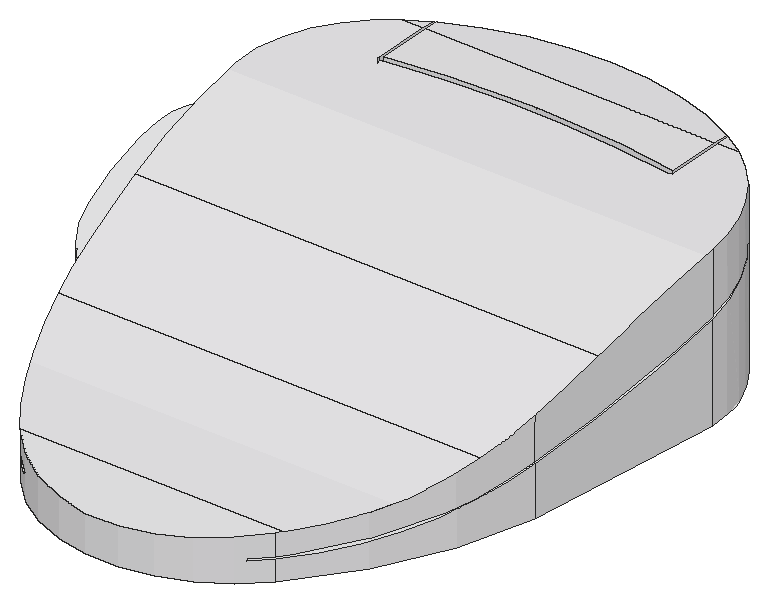
Revit family "Toilet_Seat-Elongated_Closed_Front-Cleansing-KOHLER-C3-150-K-8297T_1", category Plumbing Fixtures, host Face, Revit 2017
Family settings
  Host = Face
  Round Connector Dimension = Use Diameter
  Part Type = Normal
  OmniClass Number = 23.31.19.19.17
  OmniClass Title = Water Closet Seats
  Cut with Voids When Loaded = No
  Shared = No
  Room Calculation Point = No
Parameters (values of type "Hidden Chord, 0-White")
  Width = 17 163/256"  # constant formula
  WaterSense Certified = 1 = 1  # yes
  Waste Water Outlet = "Waste Water Outlet"  # constant formula
  Waste Connection = 1 = 0  # no
  Voltage = 220 V  # constant formula
  Vent Connection = 1 = 0  # no
  URL = "http://www.kohler.com.cn/"
  Type = 1
  Product Page URL = "https://www.kohler.com.cn/product/K-8297T-HC-0/K-8297T-HC-0/"
  Product Name = "C3-150"  # constant formula
  Product Documentation Link = "https://files.kohler.com.cn/pdfs/1559717561034_8297%E5%B0%BA%E5%AF%B8%E5%9B%BE.pdf"
  Pressure = 0.00 psi
  Model = if(Type = 1, "K-8297T-HC-0", if(Type = 2, "K-8297T-XP-0", "NA"))  # "K-8297T-HC-0"
  Material = "Plastic"  # constant formula
  Master Format 2014 Name = "Toilet, Bath, and Laundry Accessories"  # constant formula
  Master Format 2014 = "10 28 00"  # constant formula
  Manufacturer Address = "Kohler Beijing Office (100016) 36-2-03-B, No. 88, Liuxiang Road, Beijing"  # constant formula
  Manufacturer = "KOHLER Co."  # constant formula
  Length = 20 171/256"  # constant formula
  Hot Water Inlet = "Hot Water Inlet"  # constant formula
  Height = 5 191/256"  # constant formula
  HW Connection = 1 = 0  # no
  Flow Rate = 0 GPM
  Finish = Kohler-Plastic-0-White
  Environmental Product Declaration = ""
  Electrical Note = "Ground-Fault Circuit-Interrupter"  # constant formula
  Electrical Connector = 1 = 1  # yes
  Description = if(Type = 1, "Qingshubao Smart Toilet Cover (Combined Version)", if(Type = 2, "Qingshubao Smart Cover (Cloud Smart Version)", "NA"))  # "Qingshubao Smart Toilet Cover (Combined Version)"
  Default Elevation = 0"
  Declare Label = ""
  Date Modified = "06/24/2021"  # constant formula
  Date Created = "06/24/2021"  # constant formula
  Copyright = "Copyright KOHLER Co."  # constant formula
  Contact Us = "http://www.kohler.com.cn/contact/contact-us/"
  Cold Water Inlet = "Cold Water Inlet"  # constant formula
  CW Connection = 1 = 1  # yes
  Assembly Code = "C1030200"
  Apparent Load = Voltage * 10 A  # 2200 VA
  ADA Compliant = 1 = 0  # no
Types (3): name | Type | Product Page URL | Product Documentation Link | Model | Description
  (no name) | 1 | "https://www.kohler.com.cn/product/K-8297T-HC-0/K-8297T-HC-0/" | "https://files.kohler.com.cn/pdfs/1559717561034_8297%E5%B0%BA%E5%AF%B8%E5%9B%BE.pdf" | "K-8297T-HC-0" | "Qingshubao Smart Toilet Cover (Combined Version)"
  Hidden Chord, 0-White | 1 | "https://www.kohler.com.cn/product/K-8297T-HC-0/K-8297T-HC-0/" | "https://files.kohler.com.cn/pdfs/1559717561034_8297%E5%B0%BA%E5%AF%B8%E5%9B%BE.pdf" | "K-8297T-HC-0" | "Qingshubao Smart Toilet Cover (Combined Version)"
  Cloud Version, 0-White | 2 | "https://www.kohler.com.cn/product/K-8297T-XP-0/K-8297T-XP-0/" | "https://files.kohler.com.cn/pdfs/1533624272542_1351303-T01-A%E5%AE%89%E8%A3%85%E8%AF%B4%E6%98%8E%E4%B9%A6.pdf" | "K-8297T-XP-0" | "Qingshubao Smart Cover (Cloud Smart Version)"
Reference planes (in)
  plane 1 "Center (Front/Back)": y = 0
  plane 2: z = 0
  plane 3 "Center (Left/Right)": x = 0
  plane 4: x = -9.88135
  plane 5: x = 7.75537
  plane 6: x = -7.75537
  plane 7: y = 10.33398
  plane 8: y = -10.33398
  plane 9: z = 5.74609
  plane 10: z = 0.62992
  plane 11: z = 1.69291
  plane 12: z = 0.27559
  plane 13: y = -1.55578
  plane 14: z = 2.21033
  plane 15: y = 4.66488
  plane 16: y = 3.8777
  plane 17: z = -0.54919
Forms (in)
  Extrusion 1, void
    sketch origin (0, 0, 0) x (0, 1, 0) y (0, 0, 1)
      loop
        line (5.86695, 0.24562) -> (3.99687, 0.24562) -> (3.99687, -0.591) -> (5.86695, -0.591) -> (5.86695, 0.24562)
    from -0.62921 to 0.55744
Dimensions and locks (in)
  "Width": plane 4 to plane 5
  "Length": plane 8 to plane 7
  equal spacing: plane 8, plane 1 "Center (Front/Back)", plane 7
  equal spacing: plane 6, plane 3 "Center (Left/Right)", plane 5
  locked: plane 4 to plane 6 at 2.12598
  plane 6 to plane 5 = 15.51073"
  locked: plane 13 to plane 7 at 11.88976
  "Height": level to plane 9
  level to plane 11 = 1.69291"
  plane 12 to level = 0.27559"
  aligned and locked: plane 2 to host face
  aligned and locked: level to host face
  aligned and locked: plane 3 "Center (Left/Right)" to nested 1
  aligned and locked: plane 1 "Center (Front/Back)" to nested 1
Automatic sketch dimensions
  host sketch curve to host sketch curve = 96"  (x2)
  Extrusion 1 sketch curve to plane 12 = 0.02997"
  Extrusion 1 sketch curve to plane 15 = 0.668"
  Extrusion 1 sketch curve to level = 0.591"
  plane 15 to Extrusion 1 sketch curve = 1.20208"
Nested families (in)
  nested 1: "K-8297T" at (0, 0, 0), type "K-8297T"
Connectors (in)
  piping at (-7.75905, 4.66488, 2.21033), diameter 0.5, driven by "CW Connection", driven by "Cold Water Inlet", driven by "Flow Rate"
    settings: on nested 1, index 1, connector inside diameter 24", connector length 0", flow factor 0, pipe flow 0 GPM, pressure drop 0.00 psi, fitting loss kfactor 0, connector angle 0.00°, fixture units 0, engagement length 0", angle of deflection 0.00°, flow configuration 0, flow direction 1, fitting loss method 0, system type 20, joint type 0, gender type 0, connector reference index -1, connector utility 1, adjustable connector no, is connector primary yes, connector description "Cold Water Inlet"
  electrical at (-7.75905, 3.87747, 2.21033), driven by "Electrical Connector", driven by "Electrical Note", driven by "Voltage", driven by "Apparent Load"
    settings: on nested 1, index 2, voltage 220 V, apparent load 2200 VA, apparent load phase1 0 VA, apparent load phase2 0 VA, apparent load phase3 0 VA, power factor 1, load classification "Power", number of poles 1, system type 30, power factor state 1, is connector primary yes, connector utility yes, sub classification motor no, connector description "Ground-Fault Circuit-Interrupter"
Definition of nested family "K-8297T"
  Parameters (values of type "K-8297T")
    Material = none
  Reference planes (in)
    plane 1 "Center (Front/Back)": y = 0
    plane 2: z = 0
    plane 3 "Center (Left/Right)": x = 0
    plane 4: x = 7.75591
    plane 5: x = -7.75591
    plane 6: y = 10.33465
    plane 7: y = -10.33465
    plane 8: x = -9.88189
    plane 9: z = 5.74803
    plane 10: z = 0.62992
    plane 11: z = 1.69291
    plane 12: z = 0.27559
    plane 13: y = -1.55512
    plane 14: z = 2.21033
    plane 15: y = 4.66488
    plane 16: z = -0.54919
  Forms (in)
    Extrusion 1, solid, material <- "Material", detail levels medium+fine
      sketch origin (0, 0, 0) x (1, 0, 0) y (0, 1, 0)
        loop
          arc (-4.1611, -8.43538) -> (0, -10.33465) -> (4.1611, -8.43538) r 5.50792
          arc (4.1611, -8.43538) -> (6.1734, -5.32654) -> (7.24698, -1.78229) r 13.25333
          arc (7.24698, -1.78229) -> (7.62848, 1.50716) -> (7.75591, 4.8162) r 43.03057
          spline (7.75591, 4.8162) -> (7.49156, 6.24503) -> (6.71674, 7.57536) -> (5.4842, 8.7181) -> (3.87777, 9.59517) -> (2.00733, 10.14659) -> (0, 10.33458) -> (-2.00732, 10.14656) -> (-3.87784, 9.5953) -> (-5.4841, 8.71838) -> (-6.71664, 7.57556) -> (-7.49152, 6.24469) -> (-7.75591, 4.8162)
          arc (-7.75591, 4.8162) -> (-7.62848, 1.50716) -> (-7.24698, -1.78229) r 43.03057
          arc (-7.24698, -1.78229) -> (-6.1734, -5.32654) -> (-4.1611, -8.43538) r 13.25333
      from 0.27559 to 5.74803
    Extrusion 2, void
      sketch origin (0, 0, 0) x (0, 1, 0) y (0, 0, 1)
        loop
          line (12.24934, 5.74803) -> (12.24934, 7.16535) -> (-11.37271, 7.16535) -> (-11.37271, 1.19027)
          arc (-11.37271, 1.19027) -> (-9.84576, 1.54378) -> (-8.28862, 1.7222) r 13.82597
          arc (-8.28862, 1.7222) -> (-5.86066, 2.0302) -> (-3.49791, 2.66839) r 17.79727
          arc (-3.49791, 2.66839) -> (-1.4993, 3.38653) -> (0.481, 4.15373) r 86.12169
          arc (0.481, 4.15373) -> (4.52798, 5.3458) -> (8.72765, 5.74803) r 22.1254
          line (8.72765, 5.74803) -> (12.24934, 5.74803)
      from -13.23151 to 11.10812
    Extrusion 3, void
      sketch origin (0, 0, 0) x (1, 0, 0) y (0, 1, 0)
        loop
          line (-4.79232, 9.63353) -> (-4.79232, 6.91421)
          arc (-4.79232, 6.91421) -> (-4.76926, 6.85853) -> (-4.71358, 6.83547) r 0.07874
          arc (-4.71358, 6.83547) -> (0, 7.15272) -> (4.71358, 6.83547) r 35.17403
          arc (4.71358, 6.83547) -> (4.76926, 6.85853) -> (4.79232, 6.91421) r 0.07874
          line (4.79232, 6.91421) -> (4.79232, 9.63353) -> (4.70977, 9.63353) -> (4.70977, 7.01709)
          arc (4.70977, 7.01709) -> (0, 7.35332) -> (-4.70977, 7.01709) r 33.154
          line (-4.70977, 7.01709) -> (-4.70977, 9.63353) -> (-4.79232, 9.63353)
      from 5.11346 to 8.77571
    Extrusion 4, solid, material <- "Material", detail levels medium+fine
      sketch origin (0, 0, 0) x (1, 0, 0) y (0, 1, 0)
        loop
          arc (-4.42629, -7.54412) -> (0.23535, -9.84584) -> (4.68689, -7.16021) r 5.41467
          arc (4.68689, -7.16021) -> (5.70383, -5.3598) -> (6.47059, -3.43946) r 15.41096
          arc (6.47059, -3.43946) -> (0, 5.45337) -> (-6.47059, -3.43946) r 6.80048
          arc (-6.47059, -3.43946) -> (-5.60196, -5.56825) -> (-4.42629, -7.54412) r 15.41096
        loop
          arc (-1.76588, -6.97058) -> (0.00015, -7.8686) -> (1.76619, -6.97058) r 2.18553
          arc (1.76619, -6.97058) -> (3.41428, -3.82058) -> (4.07249, -0.32695) r 12.06174
          arc (4.07249, -0.32695) -> (0, 3.90463) -> (-4.07249, -0.32695) r 4.07548
          arc (-4.07249, -0.32695) -> (-3.41428, -3.82058) -> (-1.76588, -6.97058) r 12.06174
      from 0.27559 to 1.18946
    Extrusion 5, solid, material <- "Material", detail levels medium+fine
      sketch origin (0, 0, 0) x (1, 0, 0) y (0, 1, 0)
        loop
          line (-2.26156, 3.95799) -> (2.26156, 3.95799)
          arc (2.26156, 3.95799) -> (4.98122, 3.0196) -> (6.54353, 0.60376) r 4.41027
          arc (6.54353, 0.60376) -> (6.683, 0.3881) -> (6.92578, 0.30433) r 0.3937
          line (6.92578, 0.30433) -> (7.13441, 0.30433)
          arc (7.13441, 0.30433) -> (7.22308, 0.34106) -> (7.25981, 0.42973) r 0.12539
          line (7.25981, 0.42973) -> (7.25981, 1.82959)
          arc (7.25981, 1.82959) -> (0, 9.0894) -> (-7.25981, 1.82959) r 7.25981
          line (-7.25981, 1.82959) -> (-7.25981, 0.42973)
          arc (-7.25981, 0.42973) -> (-7.22308, 0.34106) -> (-7.13441, 0.30433) r 0.12539
          line (-7.13441, 0.30433) -> (-6.92578, 0.30433)
          arc (-6.92578, 0.30433) -> (-6.683, 0.3881) -> (-6.54353, 0.60376) r 0.3937
          arc (-6.54353, 0.60376) -> (-4.98122, 3.0196) -> (-2.26156, 3.95799) r 4.41027
      from 0 to 1.18946
    Sweep 6, void
      path in 3D
        loop
          line (7.25981, 0.05794, 0) -> (7.25981, 1.82959, 0)
          arc (7.25981, 1.82959, 0) -> (0, 9.0894, 0) -> (-7.25981, 1.82959, 0) r 7.25981
          line (-7.25981, 1.82959, 0) -> (-7.25981, -0.2184, 0)
      profile origin (0, 9.0894, 0) x (0, 1, 0) y (0, 0, -1)
        loop
          line (0, 0) -> (-0.41994, 0) -> (0, -0.16615) -> (0, 0)
    Extrusion 7, void
      sketch origin (0, 0, 0) x (0, 1, 0) y (0, 0, 1)
        loop
          arc (9.15501, 5.11346) -> (9.01421, 4.69705) -> (8.64962, 4.45153) r 0.68617
          arc (8.64962, 4.45153) -> (2.52282, 2.89184) -> (-3.65438, 1.54552) r 182.31005
          arc (-3.65438, 1.54552) -> (-6.29738, 1.14613) -> (-8.96628, 0.99806) r 28.28005
          line (-8.96628, 0.99806) -> (-8.96628, 0.95239)
          arc (-8.96628, 0.95239) -> (-6.29289, 1.10068) -> (-3.64543, 1.50074) r 28.32572
          arc (-3.64543, 1.50074) -> (2.53331, 2.84739) -> (8.66165, 4.40747) r 182.35572
          arc (8.66165, 4.40747) -> (9.0504, 4.66942) -> (9.20053, 5.11346) r 0.7317
          line (9.20053, 5.11346) -> (9.15501, 5.11346)
      from -10.51441 to 9.84252
    Extrusion 8, solid, material <- "Material", detail levels medium+fine
      sketch origin (0, 0, 0) x (1, 0, 0) y (0, 1, 0)
        loop
          line (-3.58717, -7.94985) -> (-2.82128, -6.83302)
          arc (-2.82128, -6.83302) -> (-2.8006, -6.76373) -> (-2.82418, -6.69538) r 0.11811
          line (-2.82418, -6.69538) -> (-3.04006, -6.40739)
          arc (-3.04006, -6.40739) -> (-3.09953, -6.37596) -> (-3.16158, -6.40193) r 0.07874
          line (-3.16158, -6.40193) -> (-4.03487, -7.37183)
          arc (-4.03487, -7.37183) -> (-4.05507, -7.42245) -> (-4.03755, -7.47407) r 0.07874
          line (-4.03755, -7.47407) -> (-3.65023, -7.95236)
          arc (-3.65023, -7.95236) -> (-3.61807, -7.96692) -> (-3.58717, -7.94985) r 0.03937
        loop
          arc (3.58717, -7.94985) -> (3.61807, -7.96692) -> (3.65023, -7.95236) r 0.03937
          line (3.65023, -7.95236) -> (4.03755, -7.47407)
          arc (4.03755, -7.47407) -> (4.05507, -7.42245) -> (4.03487, -7.37183) r 0.07874
          line (4.03487, -7.37183) -> (3.16158, -6.40193)
          arc (3.16158, -6.40193) -> (3.09953, -6.37596) -> (3.04006, -6.40739) r 0.07874
          line (3.04006, -6.40739) -> (2.82418, -6.69538)
          arc (2.82418, -6.69538) -> (2.8006, -6.76373) -> (2.82128, -6.83302) r 0.11811
          line (2.82128, -6.83302) -> (3.58717, -7.94985)
      from 0 to 0.6835
    Extrusion 9, solid, material <- "Material", detail levels medium+fine
      sketch origin (0, 0, 0) x (0, 1, 0) y (0, 0, 1)
        loop
          arc (-2.39361, 0.06642) -> (-2.27889, 0.0137) -> (-2.15337, 0) r 0.3937
          line (-2.15337, 0) -> (-0.13671, 0.10569)
          arc (-0.13671, 0.10569) -> (-0.03555, 0.14967) -> (0.01193, 0.24923) r 0.15748
          line (0.01193, 0.24923) -> (0.07713, 0.99451) -> (-3.14566, 0.57197) -> (-2.39361, 0.06642)
      from 4.56709 to 6.44496
    Extrusion 10, solid, material <- "Material", detail levels medium+fine
      sketch origin (0, 0, 0) x (0, 1, 0) y (0, 0, -1)
        loop
          line (-0.13671, -0.10569) -> (-2.15337, 0)
          arc (-2.15337, 0) -> (-2.27889, -0.0137) -> (-2.39361, -0.06642) r 0.3937
          line (-2.39361, -0.06642) -> (-3.14566, -0.57197) -> (0.07713, -0.99451) -> (0.01193, -0.24923)
          arc (0.01193, -0.24923) -> (-0.03555, -0.14967) -> (-0.13671, -0.10569) r 0.15748
      from 4.56709 to 6.44496
    Extrusion 11, solid, material <- "Material", detail levels medium+fine
      sketch origin (0, 0, 0) x (0, 1, 0) y (0, 0, 1)
        loop
          line (6.52211, 3.82196) -> (-1.53424, 1.59068)
          arc (-1.53424, 1.59068) -> (-1.54931, 1.58048) -> (-1.55512, 1.56324) r 0.02848
          line (-1.55512, 1.56324) -> (-1.55512, 1.4746)
          arc (-1.55512, 1.4746) -> (-1.5458, 1.4558) -> (-1.52519, 1.45183) r 0.02362
          line (-1.52519, 1.45183) -> (-1.48906, 1.46184) -> (-1.44456, 1.03837)
          arc (-1.44456, 1.03837) -> (-1.40488, 0.97235) -> (-1.3288, 0.9603) r 0.09113
          line (-1.3288, 0.9603) -> (6.06415, 3.08019)
          arc (6.06415, 3.08019) -> (6.28502, 3.2182) -> (6.39919, 3.45229) r 0.47244
          line (6.39919, 3.45229) -> (6.42444, 3.59553) -> (6.51892, 3.62262) -> (6.54966, 3.79692)
          arc (6.54966, 3.79692) -> (6.54278, 3.81703) -> (6.52211, 3.82196) r 0.02201
      from -10.56348 to -5.551
    Extrusion 12, void
      sketch origin (0, 0, 0) x (1, 0, 0) y (0, 1, 0)
        loop
          line (-6.89276, 6.78489) -> (-11.02662, 6.78489) -> (-11.02662, -1.55512) -> (-7.28161, -1.55512)
          arc (-7.28161, -1.55512) -> (-7.88353, -1.19172) -> (-8.43903, -0.76068) r 6.02524
          arc (-8.43903, -0.76068) -> (-9.12918, 0.05124) -> (-9.5525, 1.02914) r 3.61343
          arc (-9.5525, 1.02914) -> (-9.79919, 2.27548) -> (-9.88189, 3.54331) r 9.75979
          line (-9.88189, 3.54331) -> (-9.88189, 4.09677)
          arc (-9.88189, 4.09677) -> (-9.65858, 4.93018) -> (-9.04848, 5.54028) r 1.66682
          line (-9.04848, 5.54028) -> (-6.89276, 6.78489)
      from 0 to 9.84252
    Extrusion 13, solid, material <- "Material"
      sketch origin (0, 0, 0) x (0, 1, 0) y (0, 0, 1)
        loop
          line (5.84261, 0.05777) -> (4.05957, 0.05777) -> (4.05957, -0.34664) -> (4.01967, -0.34664) -> (4.01967, -0.4236) -> (4.27872, -0.52304)
          arc (4.27872, -0.52304) -> (4.34807, -0.5426) -> (4.41981, -0.54919) r 0.3937
          line (4.41981, -0.54919) -> (4.57874, -0.54919)
          arc (4.57874, -0.54919) -> (4.61548, -0.54333) -> (4.64858, -0.52633) r 0.11811
          line (4.64858, -0.52633) -> (4.83377, -0.39054)
          arc (4.83377, -0.39054) -> (4.85584, -0.37921) -> (4.88033, -0.3753) r 0.07874
          line (4.88033, -0.3753) -> (5.24585, -0.3753)
          arc (5.24585, -0.3753) -> (5.31229, -0.36375) -> (5.37094, -0.33044) r 0.19685
          line (5.37094, -0.33044) -> (5.84261, 0.05777)
      from -0.62921 to 0.55744
    Extrusion 14, solid, material <- "Material", detail levels coarse
      sketch origin (0, 0, 0) x (1, 0, 0) y (0, 1, 0)
        loop
          arc (-4.1611, -8.43538) -> (0, -10.33465) -> (4.1611, -8.43538) r 5.50792
          arc (4.1611, -8.43538) -> (6.1734, -5.32654) -> (7.24698, -1.78229) r 13.25333
          arc (7.24698, -1.78229) -> (7.62848, 1.50716) -> (7.75591, 4.8162) r 43.03057
          spline (7.75591, 4.8162) -> (7.49156, 6.24503) -> (6.71674, 7.57536) -> (5.4842, 8.7181) -> (3.87777, 9.59517) -> (2.00733, 10.14659) -> (0, 10.33458) -> (-2.00732, 10.14656) -> (-3.87784, 9.5953) -> (-5.4841, 8.71838) -> (-6.71664, 7.57556) -> (-7.49152, 6.24469) -> (-7.75591, 4.8162)
          arc (-7.75591, 4.8162) -> (-7.62848, 1.50716) -> (-7.24698, -1.78229) r 43.03057
          arc (-7.24698, -1.78229) -> (-6.1734, -5.32654) -> (-4.1611, -8.43538) r 13.25333
      from 0 to 5.74803
    Extrusion 15, void
      sketch origin (0, 0, 0) x (0, 1, 0) y (0, 0, 1)
        loop
          line (-11.61776, 1.34062) -> (5.04469, 5.59819)
          arc (5.04469, 5.59819) -> (5.63583, 5.71042) -> (6.23636, 5.74803) r 4.81356
          line (6.23636, 5.74803) -> (6.23636, 6.85243) -> (-11.61776, 6.85243) -> (-11.61776, 1.34062)
      from -11.84352 to 9.84252
    Extrusion 16, solid, material <- "Material", detail levels coarse
      sketch origin (0, 0, 0) x (0, 1, 0) y (0, 0, 1)
        loop
          line (-1.48506, 0.9647) -> (6.68385, 3.3071) -> (6.52211, 3.87117) -> (-1.66224, 1.60445) -> (-1.48506, 0.9647)
      from -9.88189 to -4.79232
    Extrusion 17, solid, material <- "Material"
      sketch origin (0, -0.65253, 0) x (0, 1, 0) y (0, 0, 1)
        loop
          circle (5.31741, 2.21033) r 0.19685
        loop
          circle (4.53001, 2.21033) r 0.19685
      from -7.75905 to -7.65226
  Cuts and joins
    Extrusion 15 cuts Extrusion 14
    joined: Extrusion 14, Extrusion 16
    Extrusion 2, Extrusion 3, Extrusion 7 cuts Extrusion 1
    Extrusion 7 cuts Extrusion 4
    Sweep 6 cuts Extrusion 5
    Extrusion 12 cuts Extrusion 11
    joined: Extrusion 1, Extrusion 4, Extrusion 5, Extrusion 8, Extrusion 9, Extrusion 10, Extrusion 11
  Lines and regions (in)
    Masking region 1
      outline origin (0, 0, 0) x (1, 0, 0) y (0, 1, 0)
        loop
          arc (-4.1611, -8.43538) -> (0, -10.33465) -> (4.1611, -8.43538) r 5.50792
          arc (4.1611, -8.43538) -> (6.1734, -5.32654) -> (7.24698, -1.78229) r 13.25333
          arc (7.24698, -1.78229) -> (7.62848, 1.50716) -> (7.75591, 4.8162) r 43.03057
          spline (7.75591, 4.8162) -> (7.54099, 6.10628) -> (6.90817, 7.32486) -> (5.89251, 8.40441) -> (4.55029, 9.28512) -> (2.95589, 9.91815) -> (1.19769, 10.26845) -> (-0.62689, 10.31659) -> (-2.41672, 10.05991) -> (-4.07263, 9.51262) -> (-5.50283, 8.70507) -> (-6.62808, 7.682) -> (-7.386, 6.50011)
          line (-7.386, 6.50011) -> (-9.04848, 5.54028)
          arc (-9.04848, 5.54028) -> (-9.65858, 4.93018) -> (-9.88189, 4.09677) r 1.66682
          line (-9.88189, 4.09677) -> (-9.88189, 3.54331)
          arc (-9.88189, 3.54331) -> (-9.79919, 2.27548) -> (-9.5525, 1.02914) r 9.75979
          arc (-9.5525, 1.02914) -> (-9.12918, 0.05124) -> (-8.43903, -0.76068) r 3.61343
          arc (-8.43903, -0.76068) -> (-7.88284, -1.1922) -> (-7.28011, -1.55591) r 6.02524
          arc (-7.28011, -1.55591) -> (-6.22109, -5.22255) -> (-4.1611, -8.43538) r 13.25333
    Masking region 2
      outline origin (0, 0, 0) x (1, 0, 0) y (0, 0, 1)
        loop
          line (-9.88189, 3.19396) -> (-9.88189, 2.40656)
          spline (-9.88189, 2.40656) -> (-9.87959, 2.34549) -> (-9.87263, 2.28445) -> (-9.86101, 2.22346) -> (-9.84475, 2.16255) -> (-9.82384, 2.10175) -> (-9.7983, 2.04108) -> (-9.76814, 1.98058) -> (-9.73338, 1.92026) -> (-9.69402, 1.86016) -> (-9.65008, 1.8003) -> (-9.60159, 1.74071) -> (-9.54849, 1.68147)
          spline (-9.54849, 1.68147) -> (-9.49962, 1.6339) -> (-9.44263, 1.58701) -> (-9.37764, 1.54093) -> (-9.3048, 1.49574) -> (-9.22427, 1.45156) -> (-9.13623, 1.40848) -> (-9.04089, 1.36659) -> (-8.93845, 1.326) -> (-8.82914, 1.2868) -> (-8.71321, 1.24906) -> (-8.59093, 1.21289) -> (-8.46256, 1.17835)
          spline (-8.46256, 1.17835) -> (-8.39612, 1.16176) -> (-8.32878, 1.14544) -> (-8.26058, 1.1294) -> (-8.19153, 1.11364) -> (-8.12163, 1.09817) -> (-8.05091, 1.08298) -> (-7.97938, 1.06808) -> (-7.90705, 1.05348) -> (-7.83395, 1.03917) -> (-7.76009, 1.02516) -> (-7.68548, 1.01146) -> (-7.61015, 0.99806)
          line (-7.61015, 0.99806) -> (-7.25981, 0.99806) -> (-7.25981, 0.79607) -> (-6.83987, 0.62992) -> (-6.60825, 0.62992) -> (-6.44496, 0.56532) -> (-6.44496, 0.37173) -> (-5.52128, 0.37173)
          arc (-5.52128, 0.37173) -> (-5.05941, 0.32685) -> (-4.59643, 0.29545) r 15.92391
          line (-4.59643, 0.29545) -> (-4.59643, 0) -> (-0.62921, 0) -> (-0.62921, -0.54919) -> (0.55744, -0.54919) -> (0.55744, 0) -> (4.59643, 0) -> (4.59643, 0.29545)
          arc (4.59643, 0.29545) -> (5.05941, 0.32685) -> (5.52128, 0.37173) r 15.92391
          line (5.52128, 0.37173) -> (6.44496, 0.37173) -> (6.44496, 0.56532) -> (6.60825, 0.62992) -> (6.83987, 0.62992) -> (7.25981, 0.79607) -> (7.25981, 0.99806)
          arc (7.25981, 0.99806) -> (7.6106, 1.14337) -> (7.75591, 1.49416) r 0.4961
          line (7.75591, 1.49416) -> (7.75591, 5.39954)
          spline (7.75591, 5.39954) -> (7.73615, 5.46586) -> (7.67937, 5.52425) -> (7.58528, 5.57513) -> (7.45575, 5.61849) -> (7.29327, 5.65437) -> (7.10076, 5.68327) -> (6.88117, 5.70585) -> (6.63719, 5.72279) -> (6.37156, 5.73479) -> (6.08741, 5.74255) -> (5.78725, 5.74676) -> (5.47074, 5.74803)
          line (5.47074, 5.74803) -> (-5.47104, 5.74803)
          spline (-5.47104, 5.74803) -> (-5.78753, 5.74676) -> (-6.08765, 5.74255) -> (-6.37175, 5.73479) -> (-6.63732, 5.72279) -> (-6.8812, 5.70585) -> (-7.10069, 5.68326) -> (-7.29315, 5.65436) -> (-7.45562, 5.61848) -> (-7.5852, 5.57512) -> (-7.67935, 5.52424) -> (-7.73616, 5.46585) -> (-7.75591, 5.39954)
          line (-7.75591, 5.39954) -> (-7.75591, 3.80593) -> (-9.07967, 3.59426)
          spline (-9.07967, 3.59426) -> (-9.19936, 3.57182) -> (-9.31158, 3.54678) -> (-9.41554, 3.51931) -> (-9.51049, 3.48962) -> (-9.59579, 3.4579) -> (-9.67081, 3.42439) -> (-9.73504, 3.38931) -> (-9.78801, 3.35293) -> (-9.82937, 3.31548) -> (-9.85881, 3.27724) -> (-9.87613, 3.23847) -> (-9.88121, 3.19945)
    Masking region 3
      outline origin (0, 0, 0) x (0, 1, 0) y (0, 0, 1)
        loop
          line (10.33465, 0.42591) -> (10.33465, 5.13131) -> (9.71792, 5.74803) -> (8.72765, 5.74803)
          arc (8.72765, 5.74803) -> (4.52798, 5.3458) -> (0.481, 4.15373) r 22.1254
          arc (0.481, 4.15373) -> (-1.4993, 3.38653) -> (-3.49791, 2.66839) r 86.12169
          arc (-3.49791, 2.66839) -> (-6.36286, 1.93848) -> (-9.30912, 1.69291) r 17.79727
          line (-9.30912, 1.69291) -> (-9.5444, 1.69291)
          arc (-9.5444, 1.69291) -> (-9.59175, 1.68562) -> (-9.63472, 1.66443) r 0.15748
          line (-9.63472, 1.66443) -> (-10.21481, 1.25825)
          arc (-10.21481, 1.25825) -> (-10.27323, 1.19394) -> (-10.29827, 1.11073) r 0.19685
          line (-10.29827, 1.11073) -> (-10.33465, 0.59055) -> (-9.85064, 0.59055) -> (-9.85064, 0.35433)
          arc (-9.85064, 0.35433) -> (-9.82758, 0.29865) -> (-9.7719, 0.27559) r 0.07874
          line (-9.7719, 0.27559) -> (-8.63765, 0.27559)
          arc (-8.63765, 0.27559) -> (-8.3033, 0.27681) -> (-7.96897, 0.28046) r 45.93796
          line (-7.96897, 0.28046) -> (-7.77259, 0) -> (-6.45833, 0) -> (-6.37573, 0.33131)
          arc (-6.37573, 0.33131) -> (-4.77924, 0.43791) -> (-3.18743, 0.60005) r 45.93796
          line (-3.18743, 0.60005) -> (-2.39361, 0.06642)
          arc (-2.39361, 0.06642) -> (-2.27889, 0.0137) -> (-2.15337, 0) r 0.3937
          line (-2.15337, 0) -> (-0.13671, 0.10569)
          arc (-0.13671, 0.10569) -> (-0.03555, 0.14967) -> (0.01193, 0.24923) r 0.15748
          line (0.01193, 0.24923) -> (0.09094, 1.15234)
          arc (0.09094, 1.15234) -> (3.12729, 1.99057) -> (6.06415, 3.1294) r 31.33592
          arc (6.06415, 3.1294) -> (3.31449, 1.89212) -> (0.42643, 1.02575) r 22.9642
          arc (0.42643, 1.02575) -> (0.33859, 0.97043) -> (0.30433, 0.87243) r 0.15731
          line (0.30433, 0.87243) -> (0.30433, 0) -> (4.05957, 0) -> (4.05957, -0.34664) -> (4.01967, -0.34664) -> (4.01967, -0.4236) -> (4.27872, -0.52304)
          arc (4.27872, -0.52304) -> (4.34807, -0.5426) -> (4.41981, -0.54919) r 0.3937
          line (4.41981, -0.54919) -> (4.57874, -0.54919)
          arc (4.57874, -0.54919) -> (4.61548, -0.54333) -> (4.64858, -0.52633) r 0.11811
          line (4.64858, -0.52633) -> (4.83377, -0.39054)
          arc (4.83377, -0.39054) -> (4.85584, -0.37921) -> (4.88033, -0.3753) r 0.07874
          line (4.88033, -0.3753) -> (5.24585, -0.3753)
          arc (5.24585, -0.3753) -> (5.31229, -0.36375) -> (5.37094, -0.33044) r 0.19685
          line (5.37094, -0.33044) -> (5.77242, 0) -> (8.52345, 0) -> (9.0894, 0.22392) -> (9.0894, 0.42591)
          arc (9.0894, 0.42591) -> (9.25066, 0.58717) -> (9.41192, 0.42591) r 0.16126
          line (9.41192, 0.42591) -> (10.33465, 0.42591)
    sketch lines
      curve 1: arc (7.25981, 1.82959, 0) -> (0, 9.0894, 0) -> (-7.25981, 1.82959, 0) r 7.25981
      curve 2: line (-7.25981, -0.2184, 0) -> (-7.25981, 1.82959, 0)
      curve 3: line (7.25981, 1.82959, 0) -> (7.25981, 0.05794, 0)
    symbolic lines, detail levels medium+fine
      curve 4: arc (-7.75591, 4.8162, 0) -> (-7.62848, 1.50716, 0) -> (-7.24698, -1.78229, 0) r 43.03057
      curve 5: line (-4.79232, 9.15501, 0) -> (-4.79232, 6.91421, 0)
      curve 6: line (-4.70977, 7.01709, 0) -> (-4.70977, 9.20053, 0)
      curve 7: arc (4.70977, 7.01709, 0) -> (0, 7.35332, 0) -> (-4.70977, 7.01709, 0) r 33.154
      curve 8: arc (-4.79232, 6.91421, 0) -> (-4.76926, 6.85853, 0) -> (-4.71358, 6.83547, 0) r 0.07874
      curve 9: line (4.79232, 6.91421, 0) -> (4.79232, 9.1548, 0)
      curve 10: line (4.70977, 9.20032, 0) -> (4.70977, 7.01709, 0)
      curve 11: arc (-4.71358, 6.83547, 0) -> (0, 7.15272, 0) -> (4.71358, 6.83547, 0) r 35.17403
      curve 12: arc (4.71358, 6.83547, 0) -> (4.76926, 6.85853, 0) -> (4.79232, 6.91421, 0) r 0.07874
      curve 13: arc (-4.70977, 9.07348, 0) -> (-2.62006, 9.90798, 0) -> (-0.39625, 10.25139, 0) r 9.94597
      curve 14: arc (-4.70977, 8.91072, 0) -> (0, 9.99975, 0) -> (4.70977, 8.91072, 0) r 10.72881
      curve 15: line (-7.50938, 6.20158, 0) -> (-8.95006, 5.3698, 0)
      curve 16: arc (-8.95006, 5.3698, 0) -> (-9.4881, 4.83176, 0) -> (-9.68504, 4.09677, 0) r 1.46997
      curve 17: line (-9.68504, 4.09677, 0) -> (-9.68504, 3.54331, 0)
      curve 18: arc (-9.68504, 3.54331, 0) -> (-9.60401, 2.30105, 0) -> (-9.3623, 1.07985, 0) r 9.56294
      curve 19: arc (-9.3623, 1.07985, 0) -> (-8.618, -0.30605, 0) -> (-7.33163, -1.21155, 0) r 3.41658
      curve 20: arc (-7.67717, 4.8162, 0) -> (-7.54998, 1.51321, 0) -> (-7.16917, -1.77021, 0) r 42.95183
      curve 21: arc (-7.16917, -1.77021, 0) -> (-6.10197, -5.29341, 0) -> (-4.10162, -8.38379, 0) r 13.17459
      curve 22: arc (-4.10162, -8.38379, 0) -> (0, -10.25591, 0) -> (4.10162, -8.38379, 0) r 5.42918
      curve 23: arc (4.10162, -8.38379, 0) -> (6.10197, -5.29341, 0) -> (7.16917, -1.77021, 0) r 13.17459
      curve 24: arc (7.16917, -1.77021, 0) -> (7.54998, 1.51321, 0) -> (7.67717, 4.8162, 0) r 42.95183
      curve 25: arc (-3.89047, -8.09047, 0) -> (-1.01817, -9.55198, 0) -> (2.18146, -9.16657, 0) r 5.53722
      curve 26: arc (-5.19581, -6.2525, 0) -> (-4.62945, -7.23278, 0) -> (-3.89047, -8.09047, 0) r 6.05361
      curve 27: arc (-7.18953, 4.8162, 0) -> (-6.89381, -0.84444, 0) -> (-5.19581, -6.2525, 0) r 22.54978
      curve 28: arc (-4.79232, 8.26557, 0) -> (-6.46223, 6.86843, 0) -> (-7.18953, 4.8162, 0) r 4.12983
      curve 29: arc (5.19581, -6.2525, 0) -> (4.62945, -7.23278, 0) -> (3.89047, -8.09047, 0) r 6.05361
      curve 30: arc (7.18953, 4.8162, 0) -> (6.89381, -0.84444, 0) -> (5.19581, -6.2525, 0) r 22.54978
      curve 31: arc (4.79232, 8.26557, 0) -> (6.46223, 6.86843, 0) -> (7.18953, 4.8162, 0) r 4.12983
      curve 32: arc (2.18146, -9.16657, 0) -> (3.07553, -8.69135, 0) -> (3.89047, -8.09047, 0) r 6.90415
      curve 33: line (-0.39625, 10.33465, 0) -> (0.39115, 10.33465, 0)
      curve 34: line (-0.39625, 10.1378, 0) -> (-0.39625, 10.33465, 0)
      curve 35: line (0.39115, 10.1378, 0) -> (-0.39625, 10.1378, 0)
      curve 36: line (0.39115, 10.33465, 0) -> (0.39115, 10.1378, 0)
      curve 37: arc (0.39115, 10.25159, 0) -> (2.6176, 9.90865, 0) -> (4.70977, 9.07348, 0) r 9.94597
      curve 38: arc (-4.70977, 9.07348, 0) -> (-6.80803, 7.3732, 0) -> (-7.67717, 4.8162, 0) r 4.86816
      curve 39: arc (4.70977, 9.07348, 0) -> (6.80803, 7.3732, 0) -> (7.67717, 4.8162, 0) r 4.86816
      curve 40: spline (-7.53985, 0, 4.16523) -> (-7.57337, 0, 4.3011) -> (-7.6041, 0, 4.43111) -> (-7.63203, 0, 4.5552) -> (-7.65714, 0, 4.67334) -> (-7.67943, 0, 4.78548) -> (-7.6989, 0, 4.89159) -> (-7.71552, 0, 4.99163) -> (-7.72931, 0, 5.08556) -> (-7.74024, 0, 5.17335) -> (-7.74833, 0, 5.25498) -> (-7.75356, 0, 5.33041) -> (-7.75594, 0, 5.39961)
      curve 41: spline (-7.24685, 0, 3.28114) -> (-7.27611, 0, 3.35212) -> (-7.30449, 0, 3.42359) -> (-7.33199, 0, 3.49555) -> (-7.35862, 0, 3.56801) -> (-7.38436, 0, 3.64096) -> (-7.40922, 0, 3.7144) -> (-7.4332, 0, 3.78833) -> (-7.4563, 0, 3.86274) -> (-7.47851, 0, 3.93764) -> (-7.49984, 0, 4.01302) -> (-7.52029, 0, 4.08889) -> (-7.53985, 0, 4.16523)
      curve 42: spline (-6.86274, 0, 2.66839) -> (-6.90357, 0, 2.71746) -> (-6.94281, 0, 2.7669) -> (-6.98046, 0, 2.81672) -> (-7.0165, 0, 2.86692) -> (-7.05095, 0, 2.91748) -> (-7.08378, 0, 2.9684) -> (-7.11501, 0, 3.01967) -> (-7.14462, 0, 3.0713) -> (-7.17261, 0, 3.12326) -> (-7.19898, 0, 3.17556) -> (-7.22373, 0, 3.22819) -> (-7.24685, 0, 3.28114)
      curve 43: line (-4.10033, 0, 1.69291) -> (-6.86274, 0, 2.66839)
      curve 44: line (0, 0, 1.18946) -> (-4.59326, 0, 1.18946)
      curve 45: arc (-4.59326, 0, 1.18946) -> (-6.5367, 0, 1.8124) -> (-7.75586, 0, 3.44906) r 3.34303
      curve 46: spline (-7.75586, 0, 3.44906) -> (-7.75327, 0, 3.32942) -> (-7.74523, 0, 3.21111) -> (-7.73175, 0, 3.09415) -> (-7.71283, 0, 2.97855) -> (-7.68847, 0, 2.86432) -> (-7.65868, 0, 2.75149) -> (-7.62345, 0, 2.64006) -> (-7.5828, 0, 2.53006) -> (-7.53672, 0, 2.42149) -> (-7.48523, 0, 2.31437) -> (-7.42833, 0, 2.20871) -> (-7.36602, 0, 2.10452)
      curve 47: spline (-4.84825, 0, 0.99806) -> (-5.06209, 0, 1.01674) -> (-5.2674, 0, 1.03969) -> (-5.464, 0, 1.06691) -> (-5.6517, 0, 1.09837) -> (-5.83034, 0, 1.13403) -> (-5.99975, 0, 1.17387) -> (-6.15979, 0, 1.21785) -> (-6.31032, 0, 1.26594) -> (-6.45119, 0, 1.31808) -> (-6.58228, 0, 1.37423) -> (-6.70348, 0, 1.43435) -> (-6.81467, 0, 1.49837)
      curve 48: spline (-6.81467, 0, 1.49837) -> (-6.86137, 0, 1.5294) -> (-6.90618, 0, 1.56066) -> (-6.94908, 0, 1.59216) -> (-6.99007, 0, 1.62389) -> (-7.02915, 0, 1.65585) -> (-7.06631, 0, 1.68803) -> (-7.10154, 0, 1.72042) -> (-7.13484, 0, 1.75302) -> (-7.16621, 0, 1.78584) -> (-7.19563, 0, 1.81885) -> (-7.22311, 0, 1.85206) -> (-7.24864, 0, 1.88547)
      curve 49: spline (-7.24698, 0, 1.92988) -> (-7.2215, 0, 1.89661) -> (-7.1941, 0, 1.86356) -> (-7.16479, 0, 1.83072) -> (-7.13356, 0, 1.7981) -> (-7.10043, 0, 1.7657) -> (-7.0654, 0, 1.73353) -> (-7.02847, 0, 1.70159) -> (-6.98965, 0, 1.66988) -> (-6.94894, 0, 1.63842) -> (-6.90635, 0, 1.6072) -> (-6.86189, 0, 1.57623) -> (-6.81556, 0, 1.54552)
      curve 50: spline (-7.24867, 0, 1.88544) -> (-7.32977, 0, 2.00182) -> (-7.40384, 0, 2.12008) -> (-7.47086, 0, 2.24022) -> (-7.53084, 0, 2.3622) -> (-7.58376, 0, 2.48601) -> (-7.6296, 0, 2.61163) -> (-7.66837, 0, 2.73904) -> (-7.70005, 0, 2.86821) -> (-7.72465, 0, 2.99913) -> (-7.74215, 0, 3.13177) -> (-7.75255, 0, 3.26611) -> (-7.75586, 0, 3.40213)
      curve 51: line (-6.81556, 0, 1.54552) -> (-4.11517, 0, 0.99806)
      curve 52: line (-7.62265, 0, 0.99806) -> (7.25981, 0, 0.99806)
      curve 53: spline (-9.54874, 0, 2.34607) -> (-9.49986, 0, 2.30009) -> (-9.44286, 0, 2.25478) -> (-9.37787, 0, 2.21024) -> (-9.30503, 0, 2.16658) -> (-9.22451, 0, 2.12388) -> (-9.13649, 0, 2.08226) -> (-9.04116, 0, 2.0418) -> (-8.93875, 0, 2.00259) -> (-8.82949, 0, 1.96472) -> (-8.71361, 0, 1.92828) -> (-8.59138, 0, 1.89335) -> (-8.46309, 0, 1.86)
      curve 54: spline (-8.46309, 0, 1.86) -> (-8.37529, 0, 1.83892) -> (-8.28595, 0, 1.81829) -> (-8.19512, 0, 1.79814) -> (-8.10283, 0, 1.77847) -> (-8.00911, 0, 1.75928) -> (-7.914, 0, 1.74059) -> (-7.81754, 0, 1.7224) -> (-7.71976, 0, 1.70472) -> (-7.6207, 0, 1.68755) -> (-7.52039, 0, 1.6709) -> (-7.41888, 0, 1.65479) -> (-7.31621, 0, 1.6392)
      curve 55: spline (-9.88189, 0, 3.04617) -> (-9.87959, 0, 2.9872) -> (-9.87263, 0, 2.92826) -> (-9.86102, 0, 2.86937) -> (-9.84477, 0, 2.81056) -> (-9.82388, 0, 2.75185) -> (-9.79836, 0, 2.69327) -> (-9.76822, 0, 2.63485) -> (-9.73348, 0, 2.57662) -> (-9.69414, 0, 2.51859) -> (-9.65024, 0, 2.46079) -> (-9.60179, 0, 2.40326) -> (-9.5488, 0, 2.34601)
      curve 56: spline (-7.40359, 0, 1.51105) -> (-7.41037, 0, 1.47513) -> (-7.41712, 0, 1.4392) -> (-7.42386, 0, 1.40327) -> (-7.43057, 0, 1.36733) -> (-7.43727, 0, 1.3314) -> (-7.44395, 0, 1.29545) -> (-7.45061, 0, 1.25951) -> (-7.45725, 0, 1.22356) -> (-7.46387, 0, 1.18761) -> (-7.47047, 0, 1.15165) -> (-7.47705, 0, 1.11569) -> (-7.48362, 0, 1.07973)
      curve 57: line (-7.28161, 0, 1.61387) -> (-7.28161, 0, 1.5218)
      curve 58: spline (-7.31621, 0, 1.6392) -> (-7.3126, 0, 1.63891) -> (-7.30903, 0, 1.63824) -> (-7.30553, 0, 1.63722) -> (-7.30213, 0, 1.63583) -> (-7.29886, 0, 1.6341) -> (-7.29574, 0, 1.63204) -> (-7.2928, 0, 1.62967) -> (-7.29006, 0, 1.627) -> (-7.28756, 0, 1.62406) -> (-7.2853, 0, 1.62088) -> (-7.28331, 0, 1.61747) -> (-7.28161, 0, 1.61387)
      curve 59: spline (-7.32791, 0, 1.49958) -> (-7.33424, 0, 1.50053) -> (-7.34057, 0, 1.50147) -> (-7.34689, 0, 1.50242) -> (-7.35321, 0, 1.50337) -> (-7.35952, 0, 1.50433) -> (-7.36583, 0, 1.50528) -> (-7.37214, 0, 1.50624) -> (-7.37844, 0, 1.5072) -> (-7.38473, 0, 1.50816) -> (-7.39102, 0, 1.50912) -> (-7.39731, 0, 1.51008) -> (-7.40359, 0, 1.51105)
      curve 60: spline (-7.28161, 0, 1.5218) -> (-7.28449, 0, 1.51798) -> (-7.28765, 0, 1.51445) -> (-7.29105, 0, 1.51124) -> (-7.29467, 0, 1.50837) -> (-7.29848, 0, 1.50587) -> (-7.30245, 0, 1.50374) -> (-7.30655, 0, 1.50202) -> (-7.31075, 0, 1.50072) -> (-7.31502, 0, 1.49983) -> (-7.31932, 0, 1.49938) -> (-7.32362, 0, 1.49936) -> (-7.32788, 0, 1.49977)
      curve 61: spline (-7.48362, 0, 1.07973) -> (-7.49263, 0, 1.06828) -> (-7.5023, 0, 1.0576) -> (-7.51258, 0, 1.04776) -> (-7.52342, 0, 1.03881) -> (-7.53476, 0, 1.03079) -> (-7.54653, 0, 1.02375) -> (-7.55867, 0, 1.01773) -> (-7.57112, 0, 1.01276) -> (-7.58382, 0, 1.00887) -> (-7.59668, 0, 1.00607) -> (-7.60965, 0, 1.00439) -> (-7.62265, 0, 1.00382)
      curve 62: line (-4.59643, 0, 0.29545) -> (4.59643, 0, 0.29545)
      curve 63: spline (7.53985, 0, 4.16523) -> (7.57337, 0, 4.3011) -> (7.6041, 0, 4.43111) -> (7.63203, 0, 4.5552) -> (7.65714, 0, 4.67334) -> (7.67943, 0, 4.78548) -> (7.6989, 0, 4.89159) -> (7.71552, 0, 4.99163) -> (7.72931, 0, 5.08556) -> (7.74024, 0, 5.17335) -> (7.74833, 0, 5.25498) -> (7.75356, 0, 5.33041) -> (7.75594, 0, 5.39961)
      curve 64: spline (7.24685, 0, 3.28114) -> (7.27611, 0, 3.35212) -> (7.30449, 0, 3.42359) -> (7.33199, 0, 3.49555) -> (7.35862, 0, 3.56801) -> (7.38436, 0, 3.64096) -> (7.40922, 0, 3.7144) -> (7.4332, 0, 3.78833) -> (7.4563, 0, 3.86274) -> (7.47851, 0, 3.93764) -> (7.49984, 0, 4.01302) -> (7.52029, 0, 4.08889) -> (7.53985, 0, 4.16523)
      curve 65: spline (6.86274, 0, 2.66839) -> (6.90357, 0, 2.71746) -> (6.94281, 0, 2.7669) -> (6.98046, 0, 2.81672) -> (7.0165, 0, 2.86692) -> (7.05095, 0, 2.91748) -> (7.08378, 0, 2.9684) -> (7.11501, 0, 3.01967) -> (7.14462, 0, 3.0713) -> (7.17261, 0, 3.12326) -> (7.19898, 0, 3.17556) -> (7.22373, 0, 3.22819) -> (7.24685, 0, 3.28114)
      curve 66: line (4.10033, 0, 1.69291) -> (6.86274, 0, 2.66839)
      curve 67: line (0, 0, 1.18946) -> (4.59326, 0, 1.18946)
      curve 68: arc (4.59326, 0, 1.18946) -> (6.5367, 0, 1.8124) -> (7.75586, 0, 3.44906) r 3.34303
      curve 69: spline (7.75586, 0, 3.44906) -> (7.75327, 0, 3.32942) -> (7.74523, 0, 3.21111) -> (7.73175, 0, 3.09415) -> (7.71283, 0, 2.97855) -> (7.68847, 0, 2.86432) -> (7.65868, 0, 2.75149) -> (7.62345, 0, 2.64006) -> (7.5828, 0, 2.53006) -> (7.53672, 0, 2.42149) -> (7.48523, 0, 2.31437) -> (7.42833, 0, 2.20871) -> (7.36602, 0, 2.10452)
      curve 70: spline (4.84825, 0, 0.99806) -> (5.06209, 0, 1.01674) -> (5.2674, 0, 1.03969) -> (5.464, 0, 1.06691) -> (5.6517, 0, 1.09837) -> (5.83034, 0, 1.13403) -> (5.99975, 0, 1.17387) -> (6.15979, 0, 1.21785) -> (6.31032, 0, 1.26594) -> (6.45119, 0, 1.31808) -> (6.58228, 0, 1.37423) -> (6.70348, 0, 1.43435) -> (6.81467, 0, 1.49837)
      curve 71: spline (6.81467, 0, 1.49837) -> (6.86137, 0, 1.5294) -> (6.90618, 0, 1.56066) -> (6.94908, 0, 1.59216) -> (6.99007, 0, 1.62389) -> (7.02915, 0, 1.65585) -> (7.06631, 0, 1.68803) -> (7.10154, 0, 1.72042) -> (7.13484, 0, 1.75302) -> (7.16621, 0, 1.78584) -> (7.19563, 0, 1.81885) -> (7.22311, 0, 1.85206) -> (7.24864, 0, 1.88547)
      curve 72: spline (7.2434, 0, 1.92504) -> (7.21797, 0, 1.89221) -> (7.19066, 0, 1.85958) -> (7.16148, 0, 1.82716) -> (7.13044, 0, 1.79496) -> (7.09754, 0, 1.76297) -> (7.06279, 0, 1.7312) -> (7.02618, 0, 1.69967) -> (6.98772, 0, 1.66836) -> (6.94743, 0, 1.63728) -> (6.9053, 0, 1.60645) -> (6.86134, 0, 1.57586) -> (6.81556, 0, 1.54552)
      curve 73: spline (7.24867, 0, 1.88544) -> (7.32977, 0, 2.00182) -> (7.40384, 0, 2.12008) -> (7.47086, 0, 2.24022) -> (7.53084, 0, 2.3622) -> (7.58376, 0, 2.48601) -> (7.6296, 0, 2.61163) -> (7.66837, 0, 2.73904) -> (7.70005, 0, 2.86821) -> (7.72465, 0, 2.99913) -> (7.74215, 0, 3.13177) -> (7.75255, 0, 3.26611) -> (7.75586, 0, 3.40213)
      curve 74: line (6.81556, 0, 1.54552) -> (4.11517, 0, 0.99806)
      curve 75: spline (-4.70977, 0, 5.68181) -> (-3.92889, 0, 5.68976) -> (-3.14579, 0, 5.69628) -> (-2.36091, 0, 5.70134) -> (-1.57468, 0, 5.70497) -> (-0.78756, 0, 5.70714) -> (0, 0, 5.70787) -> (0.78756, 0, 5.70714) -> (1.57468, 0, 5.70497) -> (2.36091, 0, 5.70134) -> (3.14579, 0, 5.69628) -> (3.92889, 0, 5.68976) -> (4.70977, 0, 5.68181)
      curve 76: spline (-4.71342, 0, 5.66697) -> (-4.72373, 0, 5.66703) -> (-4.73386, 0, 5.6672) -> (-4.74364, 0, 5.66747) -> (-4.75291, 0, 5.66786) -> (-4.76149, 0, 5.66834) -> (-4.76925, 0, 5.66891) -> (-4.77606, 0, 5.66956) -> (-4.78179, 0, 5.67028) -> (-4.78635, 0, 5.67106) -> (-4.78965, 0, 5.67188) -> (-4.79165, 0, 5.67273) -> (-4.79231, 0, 5.67359)
      curve 77: line (-4.70977, 0, 5.68181) -> (-4.70977, 0, 5.74848)
      curve 78: line (-4.79232, 0, 5.67359) -> (-4.79232, 0, 5.74803)
      curve 79: line (-4.71342, 0, 5.66697) -> (4.7144, 0, 5.66697)
      curve 80: spline (4.79231, 0, 5.67359) -> (4.79166, 0, 5.67275) -> (4.78969, 0, 5.67192) -> (4.78644, 0, 5.67112) -> (4.78195, 0, 5.67036) -> (4.77631, 0, 5.66964) -> (4.7696, 0, 5.669) -> (4.76194, 0, 5.66843) -> (4.75347, 0, 5.66794) -> (4.74432, 0, 5.66754) -> (4.73465, 0, 5.66725) -> (4.72462, 0, 5.66706) -> (4.7144, 0, 5.66697)
      curve 81: line (4.79232, 0, 5.74803) -> (4.79232, 0, 5.67359)
      curve 82: line (4.70977, 0, 5.74803) -> (4.70977, 0, 5.66697)
      curve 83: arc (-5.52128, 0, 0.37173) -> (-5.98977, 0, 0.43679) -> (-6.44496, 0, 0.56532) r 3.4502
      curve 84: arc (-6.60825, 0, 0.62992) -> (-6.7639, 0, 0.7829) -> (-6.80044, 0, 0.99806) r 0.35446
      curve 85: line (-7.75586, 0, 3.40213) -> (-7.75586, 0, 4.09312)
      curve 86: line (-4.10033, 0, 1.69291) -> (4.10033, 0, 1.69291)
      curve 87: arc (5.52128, 0, 0.37173) -> (5.98977, 0, 0.43679) -> (6.44496, 0, 0.56532) r 3.4502
      curve 88: arc (6.60825, 0, 0.62992) -> (6.7639, 0, 0.7829) -> (6.80044, 0, 0.99806) r 0.35446
      curve 89: line (0, 10.33465, 5.13131) -> (0, 8.36614, 5.13131)
      curve 90: arc (0, 8.36614, 5.13131) -> (0, 4.66886, 4.66242) -> (0, 1.20567, 3.28544) r 14.81132
      curve 91: arc (0, 1.20567, 3.28544) -> (0, -2.14795, 1.89776) -> (0, -5.72633, 1.29151) r 16.19997
      curve 92: arc (0, -5.72633, 1.29151) -> (0, -7.95765, 1.22563) -> (0, -10.18938, 1.27606) r 42.8417
      curve 93: arc (0, -5.67592, 1.14256) -> (0, -7.98579, 1.074) -> (0, -10.29601, 1.12965) r 42.99324
      curve 94: arc (0, 1.27895, 3.15275) -> (0, -2.08584, 1.75792) -> (0, -5.67592, 1.14256) r 16.35154
      curve 95: arc (0, 8.36614, 4.97973) -> (0, 4.70669, 4.51564) -> (0, 1.27895, 3.15275) r 14.65974
      curve 96: line (0, 10.33465, 4.97973) -> (0, 8.36614, 4.97973)
      curve 97: line (0, 10.33465, 0.99806) -> (0, 0.36697, 0.99806)
      curve 98: line (0, 10.33465, 0.79607) -> (0, 0.30433, 0.79607)
      curve 99: arc (0, -2.72028, 0.65829) -> (0, -1.30912, 0.87374) -> (0, 0.09094, 1.15234) r 31.78768
      curve 100: arc (0, -7.96897, 0.28046) -> (0, -7.17213, 0.29897) -> (0, -6.37573, 0.33131) r 45.93796
      curve 101: line (0, 9.15501, 5.74803) -> (0, 9.15501, 5.13131)
      curve 102: line (0, 9.20053, 5.13131) -> (0, 9.20053, 5.74803)
      curve 103: arc (0, 9.14185, 4.97973) -> (0, 8.97082, 4.64565) -> (0, 8.64962, 4.45153) r 0.68617
      curve 104: arc (0, 8.64962, 4.45153) -> (0, 8.06225, 4.29216) -> (0, 7.47436, 4.13476) r 182.31005
      curve 105: arc (0, 7.56922, 4.11275) -> (0, 8.11566, 4.25926) -> (0, 8.66165, 4.40747) r 182.35572
      curve 106: arc (0, 8.66165, 4.40747) -> (0, 9.00726, 4.61784) -> (0, 9.18821, 4.97973) r 0.73159
      curve 107: arc (0, -1.55537, 1.61269) -> (0, 3.00254, 2.87873) -> (0, 7.56922, 4.11275) r 673.93876
      curve 108: arc (0, -9.85064, 0.59055) -> (0, -5.66413, 0.78612) -> (0, -1.55537, 1.61269) r 27.62748
      curve 109: arc (0, -1.60332, 1.64666) -> (0, 2.93117, 2.90656) -> (0, 7.47436, 4.13476) r 673.98446
      curve 110: arc (0, -9.8493, 0.6362) -> (0, -5.68805, 0.82919) -> (0, -1.60332, 1.64666) r 27.58181
      curve 111: line (0, -9.8493, 0.6362) -> (0, -10.33465, 0.6362)
      curve 112: line (0, -1.3288, 1.00951) -> (0, 6.06415, 3.1294)
      curve 113: arc (0, 6.06415, 3.1294) -> (0, 6.28502, 3.26742) -> (0, 6.39919, 3.5015) r 0.47244
      curve 114: line (0, 6.42444, 3.64474) -> (0, 6.51892, 3.67183)
      curve 115: line (0, 6.39919, 3.5015) -> (0, 6.42444, 3.64474)
      curve 116: line (0, -1.48906, 1.51105) -> (0, -1.44456, 1.08759)
      curve 117: arc (0, -1.55512, 1.52381) -> (0, -1.5458, 1.50501) -> (0, -1.52519, 1.50105) r 0.02362
      curve 118: line (0, -1.52519, 1.50105) -> (0, -1.48906, 1.51105)
      curve 119: line (0, -1.55512, 1.61245) -> (0, -1.55512, 1.52381)
      curve 120: arc (0, -1.44456, 1.08759) -> (0, -1.40488, 1.02156) -> (0, -1.3288, 1.00951) r 0.09113
      curve 121: arc (0, 6.51892, 3.67183) -> (0, 6.58596, 3.74676) -> (0, 6.54741, 3.83962) r 0.09439
      curve 122: arc (0, 6.06415, 3.1294) -> (0, 3.00313, 2.10085) -> (0, -0.09616, 1.19409) r 81.67916
      curve 123: line (0, 6.42444, 3.64474) -> (0, -1.48906, 1.51105)
      curve 124: circle (0, 2.78446, 1.26445) r 0.26639 normal (1, 0, 0)
      curve 125: circle (0, 2.78452, 1.26307) r 0.19685 normal (1, 0, 0)
      curve 126: arc (0, -0.09616, 1.19409) -> (0, -0.17236, 1.24913) -> (0, -0.2274, 1.32533) r 0.29522
      curve 127: line (0, -1.44456, 1.08759) -> (0, -1.44456, 0.85024)
      curve 128: line (0, -7.80006, 0.03923) -> (0, -6.44855, 0.03923)
      curve 129: arc (0, -9.85064, 0.35433) -> (0, -5.63686, 0.42034) -> (0, -1.44456, 0.85024) r 48.72196
      curve 130: line (0, 1.84625, 1.86141) -> (0, 1.60752, 1.79745)
      curve 131: line (0, 1.60752, 1.79745) -> (0, 1.6244, 1.73445)
      curve 132: line (0, 1.6244, 1.73445) -> (0, 1.84625, 1.79389)
      curve 133: line (0, 1.84625, 1.79389) -> (0, 1.84625, 1.86141)
      curve 134: line (-7.40359, 0, 1.51105) -> (-8.34064, 0, 1.69291)
      curve 135: arc (-8.34064, 0, 1.69291) -> (-8.9515, 0, 1.87154) -> (-9.51892, 0, 2.1598) r 3.4347
      curve 136: arc (-9.51892, 0, 2.1598) -> (-9.76481, 0, 2.40511) -> (-9.88189, 0, 2.73211) r 0.79088
      curve 137: line (-7.32788, 0, 1.49977) -> (-6.81081, 0, 1.49977)
      curve 138: line (-7.31621, 0, 1.6392) -> (-7.00907, 0, 1.6392)
      curve 139: line (-4.56709, 0, 0) -> (-4.56709, 0, 0.29545)
      curve 140: line (-4.05509, 0, 0) -> (-4.05509, 0, 0.29545)
      curve 141: line (-3.58717, 0, 0) -> (-3.58717, 0, 0.29545)
      curve 142: line (-2.82128, 0, 0) -> (-2.82128, 0, 0.29545)
      curve 143: line (4.56709, 0, 0) -> (4.56709, 0, 0.29545)
      curve 144: line (4.05509, 0, 0) -> (4.05509, 0, 0.29545)
      curve 145: line (3.58717, 0, 0) -> (3.58717, 0, 0.29545)
      curve 146: line (2.82128, 0, 0) -> (2.82128, 0, 0.29545)
      curve 147: line (-0.62921, 0, -0.4236) -> (0.55744, 0, -0.4236)
      curve 148: line (-0.62921, 0, 0) -> (0.55744, 0, 0)
      curve 149: line (0, 5.77242, 0) -> (0, 4.05957, 0)
      curve 150: arc (0, -3.18743, 0.60005) -> (0, -2.95378, 0.62858) -> (0, -2.72028, 0.65829) r 46.86959
      curve 151: line (0, 8.94339, 0.16615) -> (0, 0.30433, 0.16615)
      curve 152: line (0, 0.30433, 0.27559) -> (0, 9.0894, 0.27559)
      curve 153: arc (-7.38582, 6.50008, 0) -> (-7.66229, 5.67823, 0) -> (-7.75591, 4.8162, 0) r 4.01582
      curve 154: arc (-7.36602, 0, 2.10452) -> (-7.30813, 0, 2.01609) -> (-7.24698, 0, 1.92988) r 2.83603
      curve 155: arc (7.36602, 0, 2.10452) -> (7.30643, 0, 2.01361) -> (7.2434, 0, 1.92504) r 2.83603
  Dimensions and locks (in)
    plane 9 to plane 10 = 5.11811"
    plane 11 to level = 1.69291"
    plane 12 to level = 0.27559"
    plane 6 to plane 7 = 20.66929"
    plane 8 to plane 4 = 17.6378"
    aligned and locked: plane 2 to level
